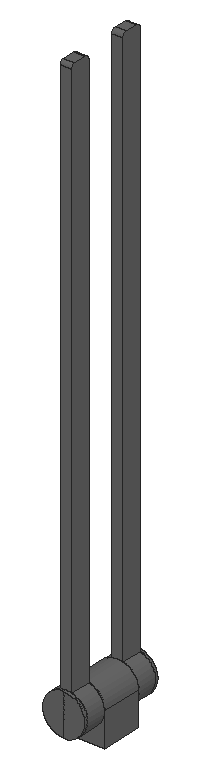
Revit family "Grohe_TowelHolder_Selection_41219KF0", category Plumbing Fixtures, host Face, Revit 2020
Family settings
  Host = Face
  Round Connector Dimension = Use Diameter
  Part Type = Normal
  OmniClass Number = 23.45.05.00
  OmniClass Title = Sanitary Equipment
  Cut with Voids When Loaded = No
  Shared = No
  Room Calculation Point = No
Parameters (values of type "SELECTION Towel Holder (41219KF0)")
  _ObjectUserGuide = "https://www.bimstore.co/products/grohe-41219KF0/document/object-user-guide"
  _DistributedBy = "https://www.bimstore.co/"
  _CurrentRevision = 1
  _CreatedBy = "https://www.bimstore.co/"
  _BimSpecGuid = 0
  _BSBibleVersion = 17
  _AuthorizedBy = "bimstore"
  _Author = "AM 147"
  Waste Connection = no
  WarrantyStartDate [instance] = "Please Record On Commissioning."
  WarrantyGuarantorParts = "info-uk@grohe.com"
  WarrantyGuarantorLabor = "info-uk@grohe.com"
  WarrantyDurationUnit = "Years"
  WarrantyDurationParts = "0"
  WarrantyDurationLabor = "0"
  WarrantyDescription = "n/a"
  Vent Connection = no
  URL = "https://www.grohe.co.uk/"
  TypeName = "SELECTION Towel Holder"
  Type Comments = "SELECTION Towel Holder"
  TPIDocumentLink = "https://cdn.cloud.grohe.com/tpi/2000/2100/2170/2171/2171289/original/2171289.pdf"
  SustainabilityReport = "green.grohe.com/reporting"
  SustainabilityAward = "green.grohe.com/awards"
  SpareParts = "info-uk@grohe.com"
  Size = "n/a"
  Shape = "n/a"
  SerialNumber [instance] = "Please Record On Commissioning."
  ReplacementCost = "n/a"
  ReferencedStandard = "n/a"
  ProductionYear = "2023"
  ProductType = "Accessory Bath"
  ProductShortText = "Towel holder, pivotable"
  ProductPageURL = "https://www.grohe.co.uk/en_gb/-41219KF0.html"
  ProductNumber = "41219KF0"
  ProductDescription = "material: metal\r\n\r\ndepth 441 mm (functional depth 400 mm)\r\n\r\ntwo arms\r\n\r\nconcealed fastening\r\n\r\nGROHE Long-Life Shine finish"
  PrimaryMaterial = Grohe_MattBlack
  PQDiagramLink = "n/a"
  NominalLength = 0.0 mm
  NominalHeight = 0.0 mm
  NominalDepth = 0.0 mm
  NBSReference = "45-35-72/372"
  NBSOfficeMasterTag = "n/a"
  NBSObjectName = "Grohe - Towel rails"
  NBSNote = "n/a"
  NBSDescription = "Towel rails"
  ModelReference = "SELECTION Towel Holder"
  ModelNumber = "41219KF0"
  Model = "SELECTION Towel Holder"
  Material = "n/a"
  ManufacturerName = "Grohe"
  Manufacturer = "Grohe"
  Keynote = "N13"
  InstallationDate [instance] = "Please Record On Commissioning."
  IfcExportType = "IfcPipeFittingType"
  IfcExportAs = "IfcPipeFitting"
  HW Connection = no
  Grade = "n/a"
  GROHESustainability = "green.grohe.com"
  GROHESocialCommittment = "green.grohe.com/social_engagement"
  FullRecyclabilityOfPlastic = "All plastic components are fully recyclable"
  Finish = "n/a"
  Features = "n/a"
  ExpectedLife = 0
  Ecojoy = no
  EF025110 = "0"
  EF025109 = "Other"
  EF024489 = "FALSE"
  EF024463 = "Round"
  EF024009 = "FALSE"
  EF024007 = "2"
  EF023790 = "FALSE"
  EF023686 = "Other"
  EF022280 = "TRUE"
  EF022116 = "Flat rod"
  EF011628 = "FALSE"
  EF006009 = "TRUE"
  EF002169 = "Other"
  EF001438 = 0.0 mm
  EF000551 = 0.0 mm
  EF000329 = "FALSE"
  EF000301 = "TRUE"
  EF000139 = "Lacquered"
  EF000051 = "Rack/bracket"
  EF000049 = 441.0 mm
  EF000040 = 30.0 mm
  EF000007 = "Black"
  EF000003 = "Wall"
  DurationUnit = "Years"
  DocumentationTechnical = "https://www.bimstore.co/products/grohe-41219KF0/document/technical-data-sheet"
  DocumentationMaintenance = "https://www.bimstore.co/products/grohe-41219KF0/document/maintenance-information"
  DocumentationLiterature = "https://www.bimstore.co/products/grohe-41219KF0/document/product-literature"
  DocumentationInstallationGuide = "https://www.bimstore.co/products/grohe-41219KF0/document/installation-guide"
  DocumentationCertificates = "https://www.bimstore.co/products/grohe-41219KF0/document/product-certificates"
  DimensionsDocumentLink = "https://cdn.cloud.grohe.com/dimdraw/100000/100000/100000/100100/100170/100175/100175296/1280/100175296.jpg"
  Description = "SELECTION Towel Holder"
  Default Elevation = 0.0 mm
  CreatedOn = "2023-03-01T09:00:00"
  CreatedBy = "info-uk@grohe.com"
  CradleToCradleCertification = "n/a"
  Cost = 0
  Constituents = "n/a"
  Color = "Matt Black"
  CodePerformance = "n/a"
  ClassificationValue = "Pr_40_20_76_90"
  ClassificationName = "Uniclass2015"
  CW Connection = no
  CO2NeutralProduction = "GROHE is one of the first leading manufacturer within the sanitary industry having a CO2-neutral production."
  BarCode [instance] = "Please Record On Commissioning."
  BIMObjectName = "Grohe_TowelHolder_Selection_41219KF0"
  AssetType = "Fixed"
  AssetIdentifier [instance] = "n/a"
  Assembly Code = "D2010"
  AccessibilityPerformance = "n/a"
Reference planes
  plane 1 "Center (Front/Back)": y = 0
  plane 2: z = 0
  plane 3 "Center (Left/Right)": x = 0
Forms (mm)
  Extrusion 1, solid, material "Grohe_MattBlack" <- "PrimaryMaterial", detail levels medium+fine
    sketch origin (0, 0, 0) x (0, 1, 0) y (0, 0, 1)
      loop
        line (30.5, 32.794) -> (30.5, 438.405)
        arc (30.5, 438.405) -> (29.621, 440.526) -> (27.5, 441.405) r 3
        line (27.5, 441.405) -> (18.5, 441.405)
        arc (18.5, 441.405) -> (16.379, 440.526) -> (15.5, 438.405) r 3
        line (15.5, 438.405) -> (15.5, 32.794) -> (30.5, 32.794)
      loop
        arc (-15.5, 438.405) -> (-16.379, 440.526) -> (-18.5, 441.405) r 3
        line (-18.5, 441.405) -> (-27.5, 441.405)
        arc (-27.5, 441.405) -> (-29.621, 440.526) -> (-30.5, 438.405) r 3
        line (-30.5, 438.405) -> (-30.5, 32.794) -> (-15.5, 32.794) -> (-15.5, 438.405)
    from -4 to 4
  Revolve 2, solid, material "Grohe_MattBlack" <- "PrimaryMaterial", detail levels medium+fine
    sketch origin (0, 0, 0) x (0, 1, 0) y (0, 0, 1)
      loop
        line (-30.5, 8.905) -> (-15.5, 8.905) -> (-15.5, 10.255) -> (15.5, 10.255) -> (15.5, 8.905) -> (30.5, 8.905) -> (30.5, 23.905) -> (-30.5, 23.905) -> (-30.5, 8.905)
      axis (-30.5, 23.905) -> (30.5, 23.905)
    angle from 0 to 360
  Extrusion 3, solid, material "Grohe_MattBlack" <- "PrimaryMaterial", detail levels medium+fine
    sketch origin (0, 0, 0) x (1, 0, 0) y (0, 0, 1)
      loop
        line (-15, 0) -> (15, 0) -> (15, 24)
        arc (15, 24) -> (0, 39) -> (-15, 24) r 15
        line (-15, 24) -> (-15, 0)
    from -15 to 15
  Revolve 4, solid, material "Grohe_MattBlack" <- "PrimaryMaterial", detail levels medium+fine
    sketch origin (0, 0, 0) x (0, 1, 0) y (0, 0, 1)
      loop
        line (30.5, 23.905) -> (30.5, 8.905) -> (32.5, 8.905) -> (32.5, 23.905) -> (30.5, 23.905)
      loop
        line (-30.5, 23.905) -> (-32.5, 23.905) -> (-32.5, 8.905) -> (-30.5, 8.905) -> (-30.5, 23.905)
      axis (32.5, 23.905) -> (-32.5, 23.905)
    angle from 0 to 360
  Extrusion 5, solid, material "Grohe_MattBlack" <- "PrimaryMaterial", detail levels coarse
    sketch origin (0, 0, 0) x (1, 0, 0) y (0, 0, 1)
      loop
        line (-15, 0) -> (15, 0) -> (15, 24)
        arc (15, 24) -> (0, 39) -> (-15, 24) r 15
        line (-15, 24) -> (-15, 0)
    from -32.5 to 32.5
  Extrusion 6, solid, material "Grohe_MattBlack" <- "PrimaryMaterial", detail levels coarse
    sketch origin (-50, -4572, 58.052) x (-1, 0, 0) y (0, -1, 0)
      loop
        line (-46, -4602.5) -> (-46, -4587.5) -> (-54, -4587.5) -> (-54, -4602.5) -> (-46, -4602.5)
      loop
        line (-46, -4556.5) -> (-46, -4541.5) -> (-54, -4541.5) -> (-54, -4556.5) -> (-46, -4556.5)
    from -58.052 to 383.353
Cuts and joins
  joined: Extrusion 1, Revolve 2, Extrusion 3
  joined: Extrusion 5, Extrusion 6
Dimensions and locks
  aligned and locked: plane 2 to host face
  aligned and locked: level to host face
